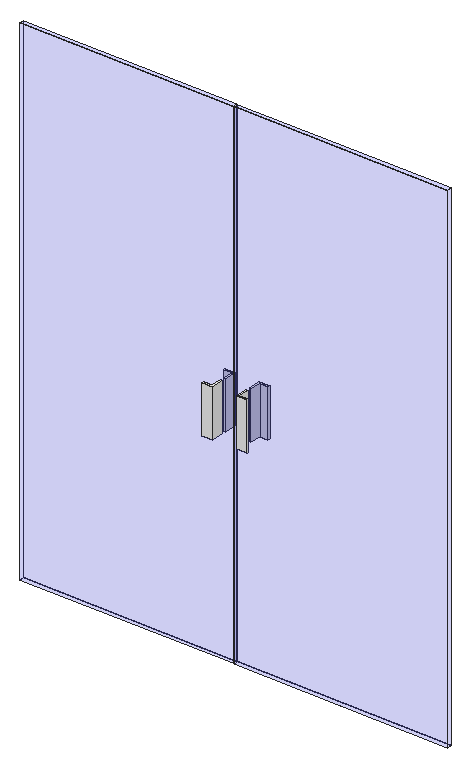
Revit family "10d3f98f39a74ae69422b0c340d72a82", category Doors, Revit 2021
Family settings
  OmniClass Number = 23.30.10.00
  OmniClass Title = Doors
  Always vertical = Yes
  Cut with Voids When Loaded = No
  Shared = No
  Room Calculation Point = No
Parameters
  Width [instance] = 6' - 0"
  Visual Light Transmittance = 0
  Thermal Resistance (R) = 10.0000 (h·ft²·°F)/BTU
  Swing Angle [instance] = 90.00°
  Solar Heat Gain Coefficient = 0
  Panel Width [instance] = 1 / 2 * Width  # 3' - 0"
  Offset = 0' - 2"
  Define Thermal Properties by = 1
  Construction Type Id = ""
  Heat Transfer Coefficient (U) = 0.1000 BTU/(h·ft²·°F)
  Door Handle Material = Aluminum
  Glazing = Glass
  Function = Exterior
  Assembly Code = "B2030100"
  Analytic Construction = "<None>"
Reference planes (in)
  plane 1 "Center (Front/Back)": y = 0
  plane 2: z = 0
  plane 3 "Center (Left/Right)": x = -0.00106
  plane 4 "Left": x = -36.00106
  plane 5 "Right": x = 35.99894
  plane 6 "Top": z = 84
  plane 7: z = 42
  plane 8: y = 2
  plane 9: z = 34
  plane 10: z = 42
Forms (in)
  Extrusion 1, solid, material "Glass" <- "Glazing"
    sketch origin (0, 0, 0) x (1, 0, 0) y (0, 0, 1)
      loop
        line (35.99894, 84) -> (0.06144, 84) -> (0.06144, 0) -> (35.99894, 0) -> (35.99894, 84)
    from -2 to -1.25
  Extrusion 2, solid, material "Glass" <- "Glazing"
    sketch origin (0, 0, 0) x (1, 0, 0) y (0, 0, 1)
      loop
        line (-36.00106, 84) -> (-36.00106, 0) -> (-0.06356, 0) -> (-0.06356, 84) -> (-36.00106, 84)
    from -2 to -1.25
  Extrusion 3, solid, material "Aluminum" <- "Door Handle Material", detail levels fine
    sketch origin (0, 0, 0) x (1, 0, 0) y (0, 1, 0)
      loop
        line (-2.00106, 2) -> (-2.00106, 4) -> (-3.75106, 4) -> (-3.75106, 3.75) -> (-2.25106, 3.75) -> (-2.25106, 2) -> (-2.00106, 2)
      loop
        line (1.99894, 2) -> (2.24894, 2) -> (2.24894, 3.75) -> (3.74894, 3.75) -> (3.74894, 4) -> (1.99894, 4) -> (1.99894, 2)
      loop
        line (-2.00106, 1.25) -> (-2.25106, 1.25) -> (-2.25106, -0.5) -> (-3.75106, -0.5) -> (-3.75106, -0.75) -> (-2.00106, -0.75) -> (-2.00106, 1.25)
      loop
        line (1.99894, 1.25) -> (1.99894, -0.75) -> (3.74894, -0.75) -> (3.74894, -0.5) -> (2.24894, -0.5) -> (2.24894, 1.25) -> (1.99894, 1.25)
    from 34 to 42
Lines and regions (in)
  symbolic lines, style "Elevation Swing"
    curve 1: line (0.06144, 0, 84) -> (35.99894, 0, 42)
    curve 2: line (35.99894, 0, 42) -> (-0.00106, 0, -0.07304)
    curve 3: line (-0.00106, 0, -0.07304) -> (-36.00106, 0, 42)
    curve 4: line (-36.00106, 0, 42) -> (-0.06356, 0, 84)
Text (in)
  text "Exterior" at (-31.12797, 43.01668, 0), in view "Ref. Level"
Dimensions and locks (in)
  equal spacing: plane 2, plane 7, plane 6 "Top"
  locked: Extrusion 1 sketch curve to plane 3 "Center (Left/Right)" at 0.0625
  "Offset": plane 1 "Center (Front/Back)" to plane 8
  locked: Extrusion 1 to plane 8 at 0.75
  locked: plane 3 "Center (Left/Right)" to Extrusion 2 sketch curve at 0.0625
  locked: Extrusion 2 to plane 8 at 0.75
  plane 2 to plane 9 = 2' - 10"
  locked: plane 9 to plane 10 at 8
  Extrusion 3 sketch curve to Extrusion 3 sketch curve to plane 8 = 0' - 0 1/4" locked, 0' - 1 3/4" locked
  plane 8 to Extrusion 3 sketch curve to Extrusion 3 sketch curve = 0' - 1 3/4" locked, 0' - 0 1/4" locked
  Extrusion 3 sketch curve to Extrusion 3 sketch curve to Extrusion 1 = 0' - 0 1/4" locked, 0' - 1 3/4" locked
  Extrusion 2 to Extrusion 3 sketch curve to Extrusion 3 sketch curve = 0' - 1 3/4" locked, 0' - 0 1/4" locked
  "Width": plane 4 "Left" to plane 5 "Right"
  equal spacing: plane 4 "Left", plane 3 "Center (Left/Right)", plane 5 "Right"
  aligned and locked: Extrusion 1 sketch curve to plane 5 "Right"
  aligned and locked: Extrusion 1 sketch curve to plane 6 "Top"
  aligned and locked: Extrusion 1 sketch curve to level
  aligned and locked: Extrusion 1 to plane 8
  aligned and locked: level to Extrusion 2 sketch curve
  aligned and locked: Extrusion 2 sketch curve to plane 4 "Left"
  aligned and locked: plane 6 "Top" to Extrusion 2 sketch curve
  aligned and locked: Extrusion 1 to Extrusion 2
  aligned and locked: plane 10 to Extrusion 3
  aligned and locked: plane 9 to Extrusion 3
  aligned and locked: plane 8 to Extrusion 3 sketch curve
  aligned and locked: Extrusion 3 sketch curve to plane 8
  aligned and locked: Extrusion 3 sketch curve to Extrusion 3 sketch curve
  aligned and locked: Extrusion 3 sketch curve to Extrusion 1
  aligned and locked: plane 8 to nested 1
  aligned and locked: nested 1 to plane 5 "Right"  (x2)
  aligned and locked: nested 2 to plane 3 "Center (Left/Right)"
  aligned and locked: nested 1 to plane 3 "Center (Left/Right)"
  aligned and locked: nested 2 to plane 4 "Left"
  aligned and locked: nested 2 to plane 8
Automatic sketch dimensions
  curve 4 to plane 6 "Top" = 0' - 0"
  curve 1 to plane 6 "Top" = 0' - 0"
  curve 2 to plane 5 "Right" = 0' - 0"
  curve 2 to plane 7 = 0' - 0"
  curve 4 to plane 4 "Left" = 0' - 0"
  curve 4 to plane 7 = 0' - 0"
  curve 3 to plane 3 "Center (Left/Right)" = 0' - 0"
  curve 3 to level = 0' - 0.07304"
  curve 4 to plane 3 "Center (Left/Right)" = 0' - 0 1/16"
  plane 3 "Center (Left/Right)" to curve 1 = 0' - 0 1/16"
  Extrusion 3 sketch curve to plane 3 "Center (Left/Right)" = 0' - 3 3/4"  (x2)
  Extrusion 3 sketch curve to Extrusion 3 sketch curve = 0' - 1 1/2"  (x3)
  Extrusion 3 sketch curve to Extrusion 3 sketch curve = 0' - 0"
  Extrusion 3 sketch curve to Extrusion 3 sketch curve = 0' - 0 1/4"  (x4)
  plane 3 "Center (Left/Right)" to Extrusion 3 sketch curve = 0' - 2"  (x2)
Nested families (in)
  nested 1: "Curtain Wall Door Swing-Single" at (35.99894, 2, 0), Swing Angle <- "Swing Angle", type "Single"
    with Swing Visible yes, Swing Angle 90.00°, Actual Angle 90.00°
  nested 2: "Curtain Wall Door Swing-Single" at (-36.00106, 2, 0) x (-1, 0, 0) z (0, 0, 1), Swing Angle <- "Swing Angle", type "Single"
    with Swing Visible yes, Swing Angle 90.00°, Actual Angle 90.00°
Definition of nested family "Curtain Wall Door Swing-Single"
  Parameters
    Width = 3' - 0"
    Thickness = 0' - 0"
    Swing Visible [instance] = Swing Angle > 1.00°  # yes
    Swing Angle [instance] = 45.00°
    Assembly Code = ""
    Analytic Construction = "<None>"
    Actual Angle [instance] = if(Swing Angle < 1.00°, 1.00°, Swing Angle)  # 45.00°
  Reference planes (in)
    plane 1 "Center (Front/Back)": y = 0
    plane 2: z = 0
    plane 3 "Center (Left/Right)": x = 0
    plane 4: x = -36
  Lines and regions (in)
    symbolic lines
      curve 1: line (0, 0, 0) -> (-36, 0, 0)
      curve 5: line (0, 0, 0) -> (-25.45584, 25.45584, 0)
    symbolic lines, visible <- "Swing Visible"
      curve 2: arc (-36, 0, 0) -> (-33.25966, 13.7766, 0) -> (-25.45584, 25.45584, 0) r 36
    reference lines
      curve 3: line (0, 0, 0) -> (-25.45584, 25.45584, 0)
    model lines
      curve 4: line (0, 0, 0) -> (0, 0, 1)
  Dimensions and locks (in)
    "Width": plane 4 to plane 3 "Center (Left/Right)"
    locked: curve 2 to plane 3 "Center (Left/Right)"
    locked: curve 2 to plane 1 "Center (Front/Back)"
    "Width": curve 3 to curve 3
    locked: curve 4 to plane 2 at 1
    "Width": radius of curve 2
    "Actual Angle": angle curve 2 to curve 2
    "Swing Angle": angle curve 3 to plane 1 "Center (Front/Back)"
    aligned and locked: plane 3 "Center (Left/Right)" to curve 1
    aligned and locked: plane 3 "Center (Left/Right)" to curve 3
    aligned and locked: plane 1 "Center (Front/Back)" to curve 3
    aligned and locked: plane 3 "Center (Left/Right)" to curve 4
    aligned and locked: plane 2 to curve 4
    aligned and locked: curve 5 to curve 3
